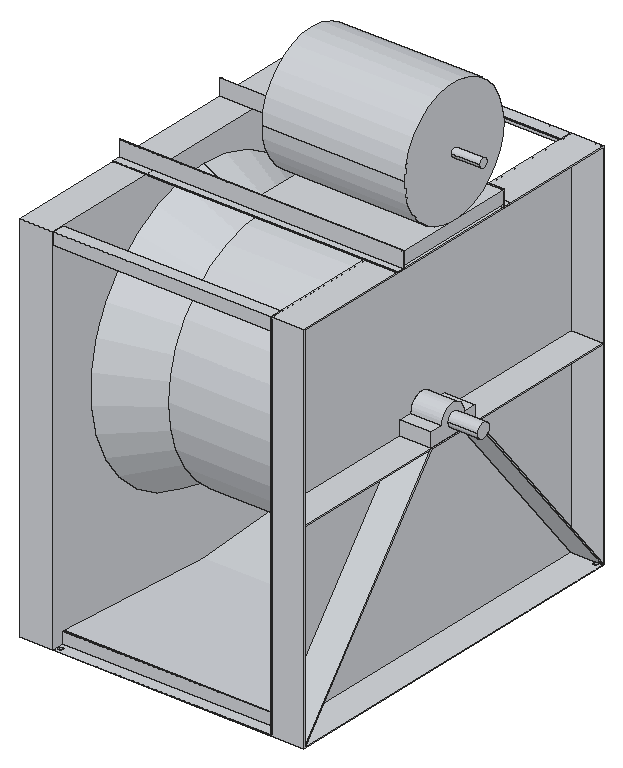
Revit family "PLC_ARR_3T", category Mechanical Equipment, Revit 2019
Family settings
  Round Connector Dimension = Use Diameter
  Part Type = Normal
  Work Plane-Based = No
  Always vertical = Yes
  Cut with Voids When Loaded = No
  Shared = No
  Room Calculation Point = No
Parameters (values of type "730_PLC_CLASS_1_3T")
  Unit Weight [instance] = ""
  Sones [instance] = ""
  N = 10' - 6 1/4"
  ModelID [instance] = ""
  M*2 = M * 2  # 0' - 6 7/8"
  L/2 = L / 2  # 0' - 0 17/32"
  K-F = K - F  # 0' - 7 1/4"
  Accessories [instance] = ""
  -F/2 = -F / 2  # -2' - 10 7/8"
  F-H-H = F - H - H  # 4' - 5 1/2"
  Motor RPM [instance] = ""
  Motor Enclosure [instance] = ""
  M/2 = M / 2  # 0' - 1 23/32"
  M = 0' - 3 7/16"
  LwA [instance] = ""
  L = 0' - 1 1/16"
  K = 6' - 5"
  J = 0' - 9 1/4"
  H-.125" = H - 0' 0 1/8"  # 0' - 8"
  H = 0' - 8 1/8"
  G = 4' - 11 5/16"
  Fan RPM [instance] = ""
  F = 5' - 9 3/4"
  E = 3' - 9"
  D = B / 2  # 3' - 10"
  C/2 = C / 2  # 2' - 2 1/8"
  C-M = C - M  # 4' - 0 13/16"
  C*.66 = C * 0.66  # 2' - 10.485"
  C*.2 = C * 0.3  # 1' - 3.675"
  C = 4' - 4 1/4"
  B/6 = B / 6  # 1' - 3.33333"
  B/2 = B / 2  # 3' - 10"
  B = 7' - 8"
  A/2 = A / 2  # 3' - 10"
  A = 7' - 8"
  60 = 60.00°  # constant formula
  3" = 0' - 3"  # constant formula
  Brake Hp [instance] = ""
  4" = 0' - 4"  # constant formula
  2' = 2' - 0"
  2" = 0' - 2"  # constant formula
  120 = 90.00°
  1" = 0' - 1"  # constant formula
  0 = 0' - 0"  # constant formula
  Voltage [instance] = 0 V
  URL = "www.lorencook.com"
  Type Comments = "Centrifugal Plenum Fan Top Mount Arrangement 3T Class 1"  # constant formula
  Static Pressure [instance] = 0.00 in-wg
  Power [instance] = Voltage * Motor FLA * sqrt(if(Phase = 3, 3, 1))  # 0 VA
  Phase [instance] = 0
  Number of Poles [instance] = 1
  Motor Hp [instance] = "0"
  Motor FLA [instance] = 0 A
  Model = "PLC Arrangement 3T"  # constant formula
  Manufacturer = "Loren Cook Company"
  CFM [instance] = 0 CFM
  1.5 = 0' - 1 1/2"  # constant formula
  ONE EIGTH = 0' - 0 1/8"  # constant formula
  -H+.375" = -H + 0' 0 3/8"  # -0' - 7 3/4"
  -F = -F  # -5' - 9 3/4"
  -(H-.125") = -(H - 0' 0 1/8")  # -0' - 8"
  (N-A-3.875")/2 = (N - A - 0' 3 7/8") / 2  # 1' - 3 3/16"
Types (12): name | N | M*2 | L/2 | K-F | -F/2 | F-H-H | M/2 | M | L | K | J | H-.125" | H | G | F | E | D | C/2 | C-M | C*.66 | C*.2 | C | B/6 | B/2 | B | A/2 | A | -H+.375" | -F | -(H-.125") | (N-A-3.875")/2
  (no name) | 10' - 6 1/4" | 0' - 6 7/8" | 0' - 0 17/32" | 0' - 7 1/4" | -2' - 10 7/8" | 4' - 5 1/2" | 0' - 1 23/32" | 0' - 3 7/16" | 0' - 1 1/16" | 6' - 5" | 0' - 9 1/4" | 0' - 8" | 0' - 8 1/8" | 4' - 11 5/16" | 5' - 9 3/4" | 3' - 9" | 3' - 10" | 2' - 2 1/8" | 4' - 0 13/16" | 2' - 10.485" | 1' - 3.675" | 4' - 4 1/4" | 1' - 3.33333" | 3' - 10" | 7' - 8" | 3' - 10" | 7' - 8" | -0' - 7 3/4" | -5' - 9 3/4" | -0' - 8" | 1' - 3 3/16"
  270_PLC_CLASS_1_3T | 4' - 8 11/16" | 0' - 2 7/8" | 0' - 0 5/16" | 0' - 4 1/4" | -1' - 1 23/32" | 1' - 8 5/16" | 0' - 0 23/32" | 0' - 1 7/16" | 0' - 0 5/8" | 2' - 7 11/16" | 0' - 4 13/16" | 0' - 3 7/16" | 0' - 3 9/16" | 1' - 5 13/16" | 2' - 3 7/16" | 1' - 6 5/16" | 1' - 7 3/8" | 0' - 9 11/16" | 1' - 5 15/16" | 1' - 0.7875" | 0' - 5 13/16" | 1' - 7 3/8" | 0' - 6.45833" | 1' - 7 3/8" | 3' - 2 3/4" | 1' - 7 3/8" | 3' - 2 3/4" | -0' - 3 3/16" | -2' - 3 7/16" | -0' - 3 7/16" | 0' - 7 1/32"
  300_PLC_CLASS_1_3T | 5' - 1 5/8" | 0' - 3 3/8" | 0' - 0 5/16" | 0' - 4 3/8" | -1' - 2 3/4" | 1' - 10 3/8" | 0' - 0 27/32" | 0' - 1 11/16" | 0' - 0 5/8" | 2' - 9 7/8" | 0' - 5 1/16" | 0' - 3 7/16" | 0' - 3 9/16" | 1' - 7 3/8" | 2' - 5 1/2" | 1' - 8 3/16" | 1' - 9 1/2" | 0' - 10 3/4" | 1' - 7 13/16" | 1' - 2.19" | 0' - 6.45" | 1' - 9 1/2" | 0' - 7.16667" | 1' - 9 1/2" | 3' - 7" | 1' - 9 1/2" | 3' - 7" | -0' - 3 3/16" | -2' - 5 1/2" | -0' - 3 7/16" | 0' - 7 3/8"
  330_PLC_CLASS_1_3T | 5' - 9 5/16" | 0' - 3 7/8" | 0' - 0 15/32" | 0' - 4 5/8" | -1' - 4 19/32" | 2' - 2 1/16" | 0' - 0 31/32" | 0' - 1 15/16" | 0' - 0 15/16" | 3' - 1 13/16" | 0' - 4 11/16" | 0' - 3 7/16" | 0' - 3 9/16" | 2' - 2 3/8" | 2' - 9 3/16" | 1' - 10 5/16" | 1' - 11" | 0' - 11 13/16" | 1' - 9 11/16" | 1' - 3.5925" | 0' - 7.0875" | 1' - 11 5/8" | 0' - 7.66667" | 1' - 11" | 3' - 10" | 2' - 0 3/4" | 4' - 1 1/2" | -0' - 3 3/16" | -2' - 9 3/16" | -0' - 3 7/16" | 0' - 7 31/32"
  365_PLC_CLASS_1_3T | 6' - 1 3/4" | 0' - 3 7/8" | 0' - 0 15/32" | 0' - 4 3/4" | -1' - 5 13/16" | 2' - 4 1/2" | 0' - 0 31/32" | 0' - 1 15/16" | 0' - 0 15/16" | 3' - 4 3/8" | 0' - 4 11/16" | 0' - 3 7/16" | 0' - 3 9/16" | 2' - 4 3/4" | 2' - 11 5/8" | 1' - 11 13/16" | 2' - 0 1/2" | 1' - 1 1/16" | 2' - 0 3/16" | 1' - 5.2425" | 0' - 7.8375" | 2' - 2 1/8" | 0' - 8.16667" | 2' - 0 1/2" | 4' - 1" | 2' - 2 3/4" | 4' - 5 1/2" | -0' - 3 3/16" | -2' - 11 5/8" | -0' - 3 7/16" | 0' - 8 3/16"
  402_PLC_CLASS_1_3T | 6' - 9 15/16" | 0' - 4 7/8" | 0' - 0 15/32" | 0' - 5" | -1' - 8 7/32" | 2' - 7 5/16" | 0' - 1 7/32" | 0' - 2 7/16" | 0' - 0 15/16" | 3' - 9 7/16" | 0' - 5 11/16" | 0' - 4 7/16" | 0' - 4 9/16" | 2' - 8 5/8" | 3' - 4 7/16" | 2' - 2 1/4" | 2' - 3" | 1' - 2 3/8" | 2' - 2 5/16" | 1' - 6.975" | 0' - 8 5/8" | 2' - 4 3/4" | 0' - 9" | 2' - 3" | 4' - 6" | 2' - 6" | 5' - 0" | -0' - 4 3/16" | -3' - 4 7/16" | -0' - 4 7/16" | 0' - 9 1/32"
  445_PLC_CLASS_1_3T | 7' - 4 3/16" | 0' - 4 7/8" | 0' - 0 15/32" | 0' - 5 1/8" | -1' - 10" | 2' - 9 7/8" | 0' - 1 7/32" | 0' - 2 7/16" | 0' - 0 15/16" | 4' - 1 1/8" | 0' - 6 1/4" | 0' - 4 15/16" | 0' - 5 1/16" | 2' - 11 5/8" | 3' - 8" | 2' - 4 1/2" | 2' - 5 1/4" | 1' - 3 15/16" | 2' - 5 7/16" | 1' - 9.0375" | 0' - 9 9/16" | 2' - 7 7/8" | 0' - 9 3/4" | 2' - 5 1/4" | 4' - 10 1/2" | 2' - 8" | 5' - 4" | -0' - 4 11/16" | -3' - 8" | -0' - 4 15/16" | 0' - 10 5/32"
  490_PLC_CLASS_1_3T | 7' - 10 13/16" | 0' - 4 7/8" | 0' - 0 15/32" | 0' - 5 3/8" | -2' - 0 5/8" | 3' - 3 1/8" | 0' - 1 7/32" | 0' - 2 7/16" | 0' - 0 15/16" | 4' - 6 5/8" | 0' - 6 1/4" | 0' - 4 15/16" | 0' - 5 1/16" | 3' - 3 7/8" | 4' - 1 1/4" | 2' - 6 5/8" | 2' - 7 1/2" | 1' - 5 1/2" | 2' - 8 9/16" | 1' - 11.1" | 0' - 10 1/2" | 2' - 11" | 0' - 10 1/2" | 2' - 7 1/2" | 5' - 3" | 2' - 11" | 5' - 10" | -0' - 4 11/16" | -4' - 1 1/4" | -0' - 4 15/16" | 0' - 10 15/32"
  540_PLC_CLASS_1_3T | 8' - 5" | 0' - 4 7/8" | 0' - 0 17/32" | 0' - 5 5/8" | -2' - 2 7/16" | 3' - 6 5/8" | 0' - 1 7/32" | 0' - 2 7/16" | 0' - 1 1/16" | 4' - 10 1/2" | 0' - 6 1/4" | 0' - 5" | 0' - 5 1/8" | 3' - 7 1/2" | 4' - 4 7/8" | 2' - 9 5/8" | 2' - 10 1/2" | 1' - 7 5/16" | 3' - 0 3/16" | 2' - 1.4925" | 0' - 11.5875" | 3' - 2 5/8" | 0' - 11 1/2" | 2' - 10 1/2" | 5' - 9" | 3' - 1 1/2" | 6' - 3" | -0' - 4 3/4" | -4' - 4 7/8" | -0' - 5" | 0' - 11 1/16"
  600_PLC_CLASS_1_3T | 9' - 2 7/8" | 0' - 5 3/8" | 0' - 0 17/32" | 0' - 6" | -2' - 5 1/8" | 3' - 10" | 0' - 1 11/32" | 0' - 2 11/16" | 0' - 1 1/16" | 5' - 4 1/4" | 0' - 7 1/4" | 0' - 6" | 0' - 6 1/8" | 3' - 11 7/8" | 4' - 10 1/4" | 3' - 0 5/8" | 3' - 1 1/2" | 1' - 9 7/16" | 3' - 4 3/16" | 2' - 4.2975" | 1' - 0.8625" | 3' - 6 7/8" | 1' - 0 1/2" | 3' - 1 1/2" | 6' - 3" | 3' - 5" | 6' - 10" | -0' - 5 3/4" | -4' - 10 1/4" | -0' - 6" | 1' - 0 1/2"
  660_PLC_CLASS_1_3T | 10' - 0 9/16" | 0' - 5 7/8" | 0' - 0 17/32" | 0' - 6 5/8" | -2' - 7 27/32" | 4' - 1 7/16" | 0' - 1 15/32" | 0' - 2 15/16" | 0' - 1 1/16" | 5' - 10 5/16" | 0' - 8 1/4" | 0' - 7" | 0' - 7 1/8" | 4' - 6 5/16" | 5' - 3 11/16" | 3' - 4" | 3' - 5" | 1' - 11 5/8" | 3' - 8 5/16" | 2' - 7.185" | 1' - 2.175" | 3' - 11 1/4" | 1' - 1.66667" | 3' - 5" | 6' - 10" | 3' - 9" | 7' - 6" | -0' - 6 3/4" | -5' - 3 11/16" | -0' - 7" | 1' - 1 11/32"
  730_PLC_CLASS_1_3T | 10' - 6 1/4" | 0' - 6 7/8" | 0' - 0 17/32" | 0' - 7 1/4" | -2' - 10 7/8" | 4' - 5 1/2" | 0' - 1 23/32" | 0' - 3 7/16" | 0' - 1 1/16" | 6' - 5" | 0' - 9 1/4" | 0' - 8" | 0' - 8 1/8" | 4' - 11 5/16" | 5' - 9 3/4" | 3' - 9" | 3' - 10" | 2' - 2 1/8" | 4' - 0 13/16" | 2' - 10.485" | 1' - 3.675" | 4' - 4 1/4" | 1' - 3.33333" | 3' - 10" | 7' - 8" | 3' - 10" | 7' - 8" | -0' - 7 3/4" | -5' - 9 3/4" | -0' - 8" | 1' - 3 3/16"
Reference planes (in)
  plane 1 "Center (Front/Back)": y = 0
  plane 2: z = 0
  plane 3 "Center (Left/Right)": x = 0.40541
Forms (in)
  Extrusion 1, solid
    sketch origin (0, 0, 0) x (1, 0, 0) y (0, 1, 0)
      loop
        line (0.40541, -46) -> (8.53041, -46) -> (8.53041, 46) -> (0.40541, 46) -> (0.40541, -46)
      loop
        line (62.03041, 46) -> (62.03041, -46) -> (70.15541, -46) -> (70.15541, 46) -> (62.03041, 46)
    from 0 to 92 <- "A"
  Extrusion 2, void
    sketch origin (0.40541, 0, 0) x (0, 1, 0) y (0, 0, 1)
      loop
        line (45.875, 91.875) -> (-45.875, 91.875) -> (-45.875, 0.125) -> (45.875, 0.125) -> (45.875, 91.875)
    from 0 to 8 <- "H-.125""
  Extrusion 3, void
    sketch origin (70.15541, 46, 0) x (0, 1, 0) y (0, 0, -1)
      loop
        line (-91.875, -91.875) -> (-0.125, -91.875) -> (-0.125, -0.125) -> (-91.875, -0.125) -> (-91.875, -91.875)
    from 0 to 8 <- "H-.125""
  Extrusion 4, solid
    sketch origin (70.15541, 46, 0) x (0, -1, 0) y (0, 0, -1)
      loop
        line (91.875, -48.8125) -> (91.875, -48.6875) -> (0.125, -48.6875) -> (0.125, -48.8125) -> (91.875, -48.8125)
    from 0 to -8 <- "-(H-.125")"
  Extrusion 5, solid
    sketch origin (70.15541, 46, 0) x (0, -1, 0) y (0, 0, -1)
      loop
        line (91.875, -0.125) -> (91.71494, -0.125) -> (52.875, -48.6875) -> (53.03506, -48.6875) -> (91.875, -0.125)
      loop
        line (0.125, -0.125) -> (38.96494, -48.6875) -> (39.125, -48.6875) -> (0.28506, -0.125) -> (0.125, -0.125)
    from 0 to -8 <- "-(H-.125")"
  Extrusion 6, solid
    sketch origin (0.40541, 0, 0) x (0, 1, 0) y (0, 0, 1)
      loop
        line (45.875, 48.8125) -> (-45.875, 48.8125) -> (-45.875, 48.6875) -> (45.875, 48.6875) -> (45.875, 48.8125)
    from 0 to 8 <- "H-.125""
  Extrusion 7, solid
    sketch origin (0.40541, 0, 0) x (0, 1, 0) y (0, 0, 1)
      loop
        line (45.71494, 0.125) -> (45.875, 0.125) -> (7.03506, 48.6875) -> (6.875, 48.6875) -> (45.71494, 0.125)
      loop
        line (-45.71494, 0.125) -> (-6.875, 48.6875) -> (-7.03506, 48.6875) -> (-45.875, 0.125) -> (-45.71494, 0.125)
    from 0 to 8 <- "H-.125""
  Extrusion 8, void
    sketch origin (0.40541, 0, 0) x (0, 1, 0) y (0, 0, 1)
      loop
        circle (0, 52.25) r 3.4375
    from 0 to 69.75 <- "F"
  Extrusion 9, solid
    sketch origin (0.40541, 0, 0) x (0, 1, 0) y (0, 0, 1)
      loop
        circle (0, 52.25) r 1.71875
    from 0 to 77 <- "K"
  Extrusion 10, solid
    sketch origin (8.53041, -46, 0) x (0, 1, 0) y (0, 0, 1)
      loop
        line (92, 92) -> (89, 92) -> (89, 91.875) -> (91.875, 91.875) -> (91.875, 89) -> (92, 89) -> (92, 92)
      loop
        line (0, 92) -> (0, 89) -> (0.125, 89) -> (0.125, 91.875) -> (3, 91.875) -> (3, 92) -> (0, 92)
    from 0 <- "0" to 53.5 <- "F-H-H"
  Extrusion 11, solid
    sketch origin (8.53041, -46, 0) x (0, 1, 0) y (0, 0, 1)
      loop
        line (3, 3) -> (2.875, 3) -> (2.875, 0.125) -> (0, 0.125) -> (0, 0) -> (3, 0) -> (3, 3)
      loop
        line (89, 3) -> (89, 0) -> (92, 0) -> (92, 0.125) -> (89.125, 0.125) -> (89.125, 3) -> (89, 3)
    from 0 to 53.5 <- "F-H-H"
  Extrusion 12, void
    sketch origin (0.40541, 0, 0) x (0, 1, 0) y (0, 0, 1)
      loop
        circle (0, 52.25) r 34.485
      loop
        circle (0, 52.25) r 3.4375
    from 8 <- "H-.125"" to 8.125 <- "H"
  Revolve 13, solid
    sketch origin (0, 0, 0) x (1, 0, 0) y (0, 0, 1)
      loop
        line (8.53041, 86.735) -> (23.01036, 78.375) -> (23.51036, 79.24103) -> (23.4021, 79.30353) -> (22.9646, 78.54575) -> (8.53041, 86.87934) -> (8.53041, 86.735)
      axis (8.53041, 52.25) -> (23.51036, 52.25)
    angle from 0 to 360
  Revolve 14, solid
    sketch origin (0, 0, 0) x (1, 0, 0) y (0, 0, 1)
      loop
        line (23.63536, 81.67075) -> (23.63536, 78.42075) -> (22.51036, 78.42075) -> (22.51036, 53.96875) -> (60.53041, 53.96875) -> (60.53041, 81.67075) -> (23.63536, 81.67075)
      axis (22.51036, 52.25) -> (60.53041, 52.25)
    angle from 0 to 360
  Extrusion 15, solid
    sketch origin (0.40541, 0, 0) x (0, -1, 0) y (0, 0, 1)
      loop
        line (-6.875, 52.25) -> (-6.875, 48.8125) -> (6.875, 48.8125) -> (6.875, 52.25) -> (3.4375, 52.25)
        arc (3.4375, 52.25) -> (0, 55.6875) -> (-3.4375, 52.25) r 3.4375
        line (-3.4375, 52.25) -> (-6.875, 52.25)
    from -0.25 to -7.75 <- "-H+.375""
  Extrusion 16, solid
    sketch origin (70.15541, 46, 0) x (0, -1, 0) y (0, 0, -1)
      loop
        line (52.875, -52.25) -> (52.875, -48.8125) -> (39.125, -48.8125) -> (39.125, -52.25) -> (42.5625, -52.25)
        arc (42.5625, -52.25) -> (46, -55.6875) -> (49.4375, -52.25) r 3.4375
        line (49.4375, -52.25) -> (52.875, -52.25)
    from -0.25 to -7.75 <- "-H+.375""
  Extrusion 17, void
    sketch origin (0, 0, 0) x (1, 0, 0) y (0, 1, 0)
      loop
        circle (9.65541, 45) r 0.53125
      loop
        circle (68.96791, 45) r 0.53125
      loop
        circle (9.65541, -45) r 0.53125
      loop
        circle (68.96791, -45) r 0.53125
    from -0.125 to 0.125
  Extrusion 18, solid
    sketch origin (8.53041, -46, 0) x (0, 1, 0) y (0, 0, 1)
      loop
        arc (89, 3) -> (46, 0.125) -> (3, 3) r 323.00272
        line (3, 3) -> (3, 2.875)
        arc (3, 2.875) -> (46, 0) -> (89, 2.875) r 323.00272
        line (89, 2.875) -> (89, 3)
    from 0 to 53.5 <- "F-H-H"
  Extrusion 19, solid
    sketch origin (0.40541, 0, 0) x (0, -1, 0) y (0, 0, 1)
      loop
        line (-15.45833, 96) -> (-15.45833, 92.125) -> (-17.33333, 92.125) -> (-17.33333, 92) -> (-15.33333, 92) -> (-15.33333, 96) -> (-15.45833, 96)
      loop
        line (15.45833, 96) -> (15.33333, 96) -> (15.33333, 92) -> (17.33333, 92) -> (17.33333, 92.125) -> (15.45833, 92.125) -> (15.45833, 96)
    from 0 to -69.75 <- "-F"
  Extrusion 20, solid
    sketch origin (70.15541, 46, 0) x (0, -1, 0) y (0, 0, -1)
      loop
        line (30.79167, -95.875) -> (61.20833, -95.875) -> (61.20833, -92.875) -> (30.79167, -92.875) -> (30.79167, -95.875)
    from 0 to -34.875 <- "-F/2"
  Extrusion 21, solid
    sketch origin (70.15541, 46, 0) x (0, -1, 0) y (0, 0, -1)
      loop
        circle (46, -111.0625) r 15.1875
    from 0 to -34.875 <- "-F/2"
  Extrusion 22, solid
    sketch origin (70.15541, 46, 0) x (0, -1, 0) y (0, 0, -1)
      loop
        circle (46, -111.0625) r 1
    from 0 to 7.25 <- "K-F"
Cuts and joins
  Extrusion 2, Extrusion 3, Extrusion 8, Extrusion 12, Extrusion 17 cuts Extrusion 1
  Extrusion 8 cuts Extrusion 4
  Extrusion 8, Extrusion 12 cuts Extrusion 6
  Extrusion 12 cuts Extrusion 7
  Extrusion 12 cuts Extrusion 9
  Extrusion 12 cuts Extrusion 10
  Extrusion 12, Extrusion 17 cuts Extrusion 11
Dimensions and locks (in)
  "0": Extrusion 1 sketch curve to plane 3 "Center (Left/Right)"
  "H": plane 3 "Center (Left/Right)" to Extrusion 1 sketch curve
  "F": plane 3 "Center (Left/Right)" to Extrusion 1 sketch curve
  "H": Extrusion 1 sketch curve to Extrusion 1 sketch curve
  "D": Extrusion 1 sketch curve to plane 1 "Center (Front/Back)"  (x2)
  "D": plane 1 "Center (Front/Back)" to Extrusion 1 sketch curve  (x2)
  "ONE EIGTH": Extrusion 2 sketch curve to Extrusion 1  (x3)
  "ONE EIGTH": Extrusion 1 to Extrusion 2 sketch curve
  "ONE EIGTH": cut or joined group of Extrusion 1, Extrusion 2, Extrusion 3, Extrusion 8, Extrusion 12, Extrusion 17 to Extrusion 3 sketch curve  (x2)
  "ONE EIGTH": Extrusion 3 sketch curve to cut or joined group of Extrusion 1, Extrusion 2, Extrusion 3, Extrusion 8, Extrusion 12, Extrusion 17  (x2)
  "0": cut or joined group of Extrusion 1, Extrusion 2, Extrusion 3, Extrusion 8, Extrusion 12, Extrusion 17 to Extrusion 4 sketch curve
  "0": Extrusion 4 sketch curve to cut or joined group of Extrusion 1, Extrusion 2, Extrusion 3, Extrusion 8, Extrusion 12, Extrusion 17
  "C-M": level to Extrusion 4 sketch curve
  "ONE EIGTH": Extrusion 4 sketch curve to Extrusion 4 sketch curve
  "ONE EIGTH": Extrusion 5 sketch curve to Extrusion 5 sketch curve  (x2)
  "0": Extrusion 5 sketch curve to Extrusion 4  (x2)
  "0": cut or joined group of Extrusion 1, Extrusion 2, Extrusion 3, Extrusion 8, Extrusion 12, Extrusion 17 to Extrusion 5 sketch curve  (x2)
  "M*2": Extrusion 5 sketch curve to plane 1 "Center (Front/Back)"
  "M*2": plane 1 "Center (Front/Back)" to Extrusion 5 sketch curve
  "0": Extrusion 5 sketch curve to cut or joined group of Extrusion 1, Extrusion 2, Extrusion 3, Extrusion 8, Extrusion 12, Extrusion 17  (x2)
  "0": Extrusion 6 sketch curve to Extrusion 4  (x2)
  "0": Extrusion 6 sketch curve to cut or joined group of Extrusion 1, Extrusion 2, Extrusion 3, Extrusion 8, Extrusion 12, Extrusion 17
  "0": cut or joined group of Extrusion 1, Extrusion 2, Extrusion 3, Extrusion 8, Extrusion 12, Extrusion 17 to Extrusion 6 sketch curve
  "0": Extrusion 6 to Extrusion 7 sketch curve
  "0": Extrusion 7 sketch curve to Extrusion 6
  "0": cut or joined group of Extrusion 1, Extrusion 2, Extrusion 3, Extrusion 8, Extrusion 12, Extrusion 17 to Extrusion 7 sketch curve  (x2)
  "0": Extrusion 7 sketch curve to cut or joined group of Extrusion 1, Extrusion 2, Extrusion 3, Extrusion 8, Extrusion 12, Extrusion 17  (x2)
  "ONE EIGTH": Extrusion 7 sketch curve to Extrusion 7 sketch curve  (x2)
  "M*2": Extrusion 7 sketch curve to plane 1 "Center (Front/Back)"
  "M*2": plane 1 "Center (Front/Back)" to Extrusion 7 sketch curve
  "0": Extrusion 8 sketch curve to Extrusion 6
  "C": Extrusion 8 sketch curve to level
  "0": Extrusion 8 sketch curve to plane 1 "Center (Front/Back)"
  "C": Extrusion 9 sketch curve to level
  "0": Extrusion 9 sketch curve to plane 1 "Center (Front/Back)"
  "D": Extrusion 10 sketch curve to plane 1 "Center (Front/Back)"  (x2)
  "A": level to Extrusion 10 sketch curve  (x2)
  "3"": Extrusion 10 sketch curve to Extrusion 10 sketch curve  (x4)
  "ONE EIGTH": Extrusion 10 sketch curve to Extrusion 10 sketch curve  (x4)
  "0": level to Extrusion 11 sketch curve  (x2)
  "ONE EIGTH": Extrusion 11 sketch curve to Extrusion 11 sketch curve  (x4)
  "3"": Extrusion 11 sketch curve to Extrusion 11 sketch curve  (x4)
  "0": Extrusion 12 sketch curve to plane 1 "Center (Front/Back)"  (x2)
  "C": Extrusion 12 sketch curve to level  (x2)
  "C": Revolve 13 sketch curve to level
  "C*.66": Revolve 13 sketch curve to Revolve 13 sketch curve
  "ONE EIGTH": Revolve 13 sketch curve to Revolve 13 sketch curve  (x2)
  "1"": Revolve 13 sketch curve to Revolve 13 sketch curve
  "C/2": Revolve 13 sketch curve to Revolve 13 sketch curve
  "C": Revolve 14 sketch curve to level
  "M/2": Revolve 14 sketch curve to Revolve 14 sketch curve
  "1.5": Revolve 14 sketch curve to cut or joined group of Extrusion 1, Extrusion 2, Extrusion 3, Extrusion 8, Extrusion 12, Extrusion 17
  "ONE EIGTH": Revolve 14 sketch curve to Revolve 13
  "ONE EIGTH": Revolve 13 to Revolve 14 sketch curve
  "1"": Revolve 13 to Revolve 14 sketch curve
  "0": Extrusion 15 sketch curve to plane 1 "Center (Front/Back)"
  "C": Extrusion 15 sketch curve to level
  "M*2": Extrusion 15 sketch curve to plane 1 "Center (Front/Back)"
  "M*2": plane 1 "Center (Front/Back)" to Extrusion 15 sketch curve
  "0": Extrusion 15 sketch curve to cut or joined group of Extrusion 6, Extrusion 8, Extrusion 12
  "0": Extrusion 15 sketch curve to Extrusion 15 sketch curve
  "0": Extrusion 16 sketch curve to Extrusion 15  (x2)
  "0": Extrusion 15 to Extrusion 16 sketch curve
  "0": cut or joined group of Extrusion 4, Extrusion 8 to Extrusion 16 sketch curve
  "J": plane 3 "Center (Left/Right)" to Extrusion 17 sketch curve  (x2)
  "G": Extrusion 17 sketch curve to Extrusion 17 sketch curve  (x2)
  "E": plane 1 "Center (Front/Back)" to Extrusion 17 sketch curve  (x4)
  "D": Extrusion 11 sketch curve to plane 1 "Center (Front/Back)"
  "D": plane 1 "Center (Front/Back)" to Extrusion 11 sketch curve
  "0": cut or joined group of Extrusion 1, Extrusion 2, Extrusion 3, Extrusion 8, Extrusion 12, Extrusion 17 to Extrusion 18 sketch curve
  "0": Extrusion 18 sketch curve to plane 1 "Center (Front/Back)"
  "0": Extrusion 18 sketch curve to cut or joined group of Extrusion 11, Extrusion 12, Extrusion 17  (x3)
  "ONE EIGTH": Extrusion 18 sketch curve to Extrusion 18 sketch curve  (x2)
  "0": plane 1 "Center (Front/Back)" to Extrusion 16 sketch curve
  "0": cut or joined group of Extrusion 1, Extrusion 2, Extrusion 3, Extrusion 8, Extrusion 12, Extrusion 17 to Revolve 13 sketch curve
  "0": cut or joined group of Extrusion 1, Extrusion 2, Extrusion 3, Extrusion 8, Extrusion 12, Extrusion 17 to Extrusion 19 sketch curve
  "4"": Extrusion 19 sketch curve to Extrusion 19 sketch curve  (x2)
  "ONE EIGTH": Extrusion 19 sketch curve to Extrusion 19 sketch curve  (x4)
  "B/6": Extrusion 19 sketch curve to plane 1 "Center (Front/Back)"
  "2"": Extrusion 19 sketch curve to Extrusion 19 sketch curve  (x2)
  "B/6": plane 1 "Center (Front/Back)" to Extrusion 19 sketch curve
  "ONE EIGTH": cut or joined group of Extrusion 1, Extrusion 2, Extrusion 3, Extrusion 8, Extrusion 12, Extrusion 17 to Extrusion 19 sketch curve
  "3"": Extrusion 20 sketch curve to Extrusion 20 sketch curve
  "ONE EIGTH": Extrusion 20 sketch curve to Extrusion 19  (x2)
  "ONE EIGTH": Extrusion 19 to Extrusion 20 sketch curve
  "0": Extrusion 21 sketch curve to plane 1 "Center (Front/Back)"
  "0": Extrusion 21 sketch curve to Extrusion 20
  "N": Extrusion 21 sketch curve to level
  "(N-A-3.875")/2": Extrusion 22 sketch curve to Extrusion 20
  "0": plane 1 "Center (Front/Back)" to Extrusion 22 sketch curve
  "M/2": radius of Extrusion 9 sketch curve
  "C*.66": radius of Extrusion 12 sketch curve
  "M": radius of Extrusion 12 sketch curve
  "M": radius of Extrusion 15 sketch curve
  "L/2": radius of Extrusion 17 sketch curve  (x4)
  "M": radius of Extrusion 16 sketch curve
  "1"": radius of Extrusion 22 sketch curve
  "60": angle cut or joined group of Extrusion 1, Extrusion 2, Extrusion 3, Extrusion 8, Extrusion 12, Extrusion 17 to Revolve 13 sketch curve
  "120": angle Revolve 13 sketch curve to Revolve 13 sketch curve
Automatic sketch dimensions
  Revolve 13 sketch curve to plane 3 "Center (Left/Right)" = 0' - 0"
  Revolve 13 sketch curve to Revolve 13 sketch curve = 0' - 7.80195"
  Revolve 14 sketch curve to plane 3 "Center (Left/Right)" = 0' - 0"
  Revolve 14 sketch curve to Revolve 14 sketch curve = 0' - 1.6522"
  Revolve 14 sketch curve to Revolve 14 sketch curve = 0' - 3 1/4"
  Extrusion 18 sketch curve to Extrusion 18 sketch curve = 0' - 0 1/8"
Connectors (in)
  hvac at (0.40541, 0, 46), driven by "A", driven by "B"
    settings: on cut or joined group of Extrusion 1, Extrusion 2, Extrusion 3, Extrusion 8, Extrusion 12, Extrusion 17, index 1, duct flow 0 CFM, flow factor 0, pres drop 0.00 in-wg, loss coef 0, conn angle 0.00°, conn width 92", conn height 92", conn diameter 24", duct sys type 29, conn prof type 1, flow config 0, flow direction 1, loss method 0, conn ref index -1, conn util no, is conn primary yes, conn desc ""
  electrical at (35.28041, 0, 111.0625)
    settings: on Extrusion 21, index 2, voltage 0 V, apparent load 0 VA, apparent load phase1 0 VA, apparent load phase2 0 VA, apparent load phase3 0 VA, power factor 1, load classification "Other", number of poles 1, system type 30, power factor state 1, is connector primary yes, connector utility no, sub classification motor no, connector description ""
